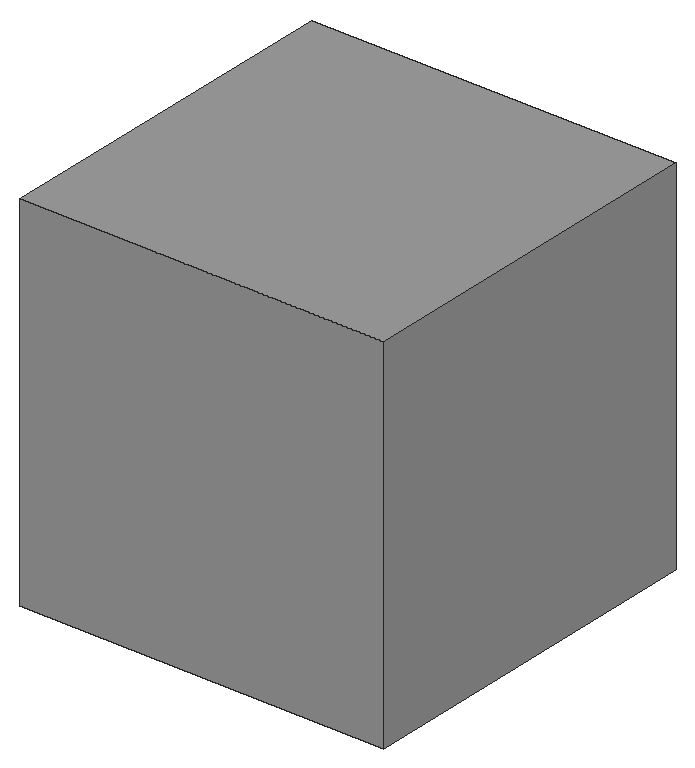
Revit family "Pull Box", category Electrical Fixtures, Revit 2022
Family settings
  Round Connector Dimension = Use Diameter
  Part Type = Normal
  OmniClass Number = 23.80.00.00
  OmniClass Title = Electric Power and Lighting
  Work Plane-Based = No
  Always vertical = Yes
  Cut with Voids When Loaded = No
  Maintain Annotation Orientation = No
  Shared = No
  Room Calculation Point = No
Parameters
  Width [instance] = 200 mm
  SubSquare [instance] = 200 mm
  Material Code [instance] = ""
  LargeSquare [instance] = 200 mm
  IsAutoCalculatePullBoxSize [instance] = ""
  Height [instance] = 200 mm
  Depth [instance] = 200 mm
  Default Elevation = 0 mm
Reference planes
  plane 1 "Center (Front/Back)": y = 0
  plane 2: z = 0
  plane 3 "Center (Left/Right)": x = 0
  plane 4: x = -100
  plane 5: x = 100
  plane 6: y = 100
  plane 7: y = -100
Forms (mm)
  Extrusion 1, solid, material "Default"
    sketch origin (0, 0, 0) x (1, 0, 0) y (0, 1, 0)
      loop
        line (-100, 100) -> (-100, -100) -> (100, -100) -> (100, 100) -> (-100, 100)
    from -100 to 100
Lines and regions (mm)
  model lines, style "Pull Box Line"
    curve 1: line (-100, 100, 0) -> (100, -100, 0)
    curve 2: line (100, 100, 0) -> (-100, -100, 0)
Dimensions and locks
  "Height": Extrusion 1 to Extrusion 1
  equal spacing: Extrusion 1, level, Extrusion 1
  equal spacing: plane 4, plane 3 "Center (Left/Right)", plane 5
  "Width": plane 4 to plane 5
  equal spacing: plane 7, plane 1 "Center (Front/Back)", plane 6
  "Depth": plane 7 to plane 6
  aligned and locked: level to plane 2
  aligned and locked: plane 5 to curve 2
  aligned and locked: plane 4 to curve 2
  aligned and locked: plane 6 to curve 2
  aligned and locked: plane 7 to curve 2
  aligned and locked: plane 6 to curve 1
  aligned and locked: plane 4 to curve 1
  aligned and locked: plane 5 to curve 1
  aligned and locked: plane 7 to curve 1
  aligned and locked: plane 6 to Extrusion 1 sketch curve
  aligned and locked: Extrusion 1 sketch curve to plane 7
  aligned and locked: Extrusion 1 sketch curve to plane 5
  aligned and locked: plane 4 to Extrusion 1 sketch curve
Connectors
  cabletrayconduit at (0, 0, 100), diameter 16
    settings: on Extrusion 1, index 1, connector width 300 mm, connector height 300 mm, connector angle 0.00°, system type 32, placement type 0, profile type 0, connector reference index -1, is primary connector yes, connector utility param no, connector description "Top"
  cabletrayconduit at (0, 100, 0), diameter 16
    settings: on Extrusion 1, index 2, connector width 300 mm, connector height 300 mm, connector angle 0.00°, system type 32, placement type 0, profile type 0, connector reference index -1, is primary connector no, connector utility param no, connector description "Back"
  cabletrayconduit at (0, -100, 0), diameter 16
    settings: on Extrusion 1, index 3, connector width 300 mm, connector height 300 mm, connector angle 0.00°, system type 32, placement type 0, profile type 0, connector reference index -1, is primary connector no, connector utility param no, connector description "Front"
  cabletrayconduit at (-100, 0, 0), diameter 16
    settings: on Extrusion 1, index 4, connector width 300 mm, connector height 300 mm, connector angle 0.00°, system type 32, placement type 0, profile type 0, connector reference index -1, is primary connector no, connector utility param no, connector description "Left"
  cabletrayconduit at (100, 0, 0), diameter 16
    settings: on Extrusion 1, index 5, connector width 300 mm, connector height 300 mm, connector angle 0.00°, system type 32, placement type 0, profile type 0, connector reference index -1, is primary connector no, connector utility param no, connector description "Right"
  cabletrayconduit at (0, 0, -100), diameter 16
    settings: on Extrusion 1, index 6, connector width 300 mm, connector height 300 mm, connector angle 0.00°, system type 32, placement type 0, profile type 0, connector reference index -1, is primary connector no, connector utility param no, connector description "Bottom"
